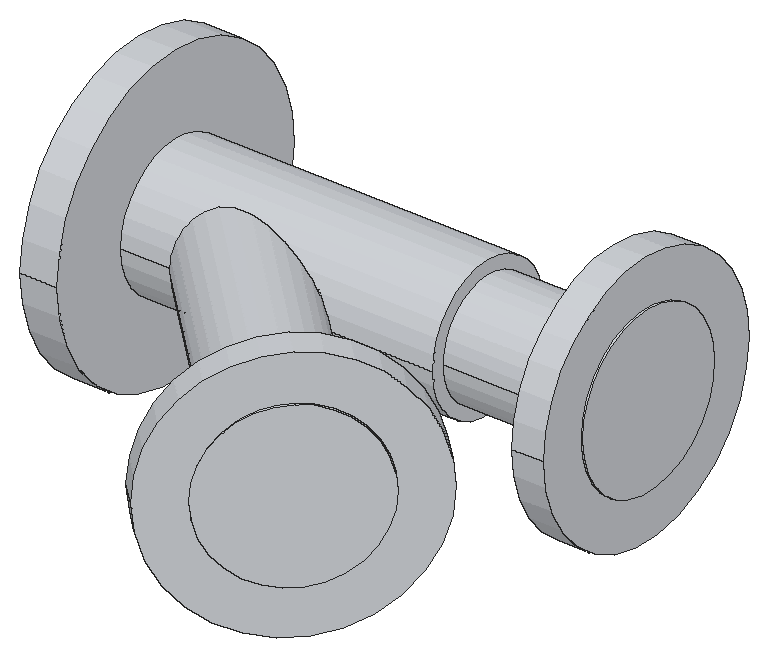
Revit family "M_Redução de 45 graus lateral - Flange - GI - Classe 250", category Conexões de tubo, Revit 2019
Family settings
  Cota do conector redondo = Usar raio
  Tipo de parte = Tê  lateral
  Número OmniClass = 23.60.30.11.14
  Título OmniClass = Pipework Fittings
  ID de item do Seek = Lateral 45 Deg Reducing - Flanged - GI - Class 250-0000-CAN-ENU
  Com base no plano de trabalho = Não
  Sempre na vertical = Sim
  Corte com vazios quando carregada = Não
  Compartilhado = Não
Parameters (values of type "Padrão")
  Tamanho da marca de cota 3 [instance] = Diâmetro da flange 3 * 0.4  # 66 mm
  Tamanho da marca de cota 2 [instance] = Diâmetro da flange 2 * 0.4  # 66 mm
  Tamanho da marca de cota 1 [instance] = Diâmetro da flange 1 * 0.4  # 76.4 mm
  Centro curto até a face [instance] = size_lookup(Nome da tabela de pesquisa, "SCtF", 0.35 * Diâmetro nominal máximo 123 + 47.427 mm, Diâmetro nominal máximo 123)  # 64 mm
  Espessura da face elevada [instance] = 1.587 mm  # constant formula
  Raio da face elevada 3 [instance] = Diâmetro da face elevada 3 / 2  # 53 mm
  Raio da face elevada 2 [instance] = Diâmetro da face elevada 2 / 2  # 53 mm
  Raio da face elevada 1 [instance] = Diâmetro da face elevada 1 / 2  # 62.5 mm
  Diâmetro da face elevada 3 [instance] = size_lookup(Nome da tabela de pesquisa, "RFD", 1.2 * Diâmetro nominal 3 + 50.899 mm, Diâmetro nominal 3)  # 106 mm
  Diâmetro da face elevada 2 [instance] = size_lookup(Nome da tabela de pesquisa, "RFD", 1.2 * Diâmetro nominal 2 + 50.899 mm, Diâmetro nominal 2)  # 106 mm
  Diâmetro da face elevada 1 [instance] = size_lookup(Nome da tabela de pesquisa, "RFD", 1.2 * Diâmetro nominal 1 + 50.899 mm, Diâmetro nominal 1)  # 125 mm
  Raio nominal 3 [instance] = 25 mm
  Raio nominal 2 [instance] = 25 mm
  Raio nominal 1 [instance] = 32.5 mm
  Diâmetro mínimo nominal 12 [instance] = if(Diâmetro nominal 1 > Diâmetro nominal 2, Diâmetro nominal 2, Diâmetro nominal 1)  # 50 mm
  Diâmetro nominal máximo 12 [instance] = if(Diâmetro nominal 1 > Diâmetro nominal 2, Diâmetro nominal 1, Diâmetro nominal 2)  # 65 mm
  Diâmetro nominal máximo 123 [instance] = if(and(not(Diâmetro nominal 1 < Diâmetro nominal 2), not(Diâmetro nominal 1 < Diâmetro nominal 3)), Diâmetro nominal 1, if(and(not(Diâmetro nominal 2 < Diâmetro nominal 1), not(Diâmetro nominal 2 < Diâmetro nominal 3)), Diâmetro nominal 2, Diâmetro nominal 3))  # 65 mm
  Diâmetro nominal 3 [instance] = Raio nominal 3 * 2  # 50 mm
  Diâmetro nominal 2 [instance] = Raio nominal 2 * 2  # 50 mm
  Diâmetro nominal 1 [instance] = Raio nominal 1 * 2  # 65 mm
  Espessura da parede 3 [instance] = size_lookup(Nome da tabela de pesquisa, "WThk", 0.06 * Diâmetro nominal 3 + 9.624 mm, Diâmetro nominal 3)  # 11.1 mm
  Espessura da parede 2 [instance] = size_lookup(Nome da tabela de pesquisa, "WThk", 0.06 * Diâmetro mínimo nominal 12 + 9.624 mm, Diâmetro mínimo nominal 12)  # 11.1 mm
  Espessura da parede 1 [instance] = size_lookup(Nome da tabela de pesquisa, "WThk", 0.06 * Diâmetro nominal máximo 12 + 9.624 mm, Diâmetro nominal máximo 12)  # 12.7 mm
  Método de perda = Coeficiente K da tabela
  Nome da tabela de pesquisa = "M_Lateral 45 Deg Reducing - Flanged - GI - Class 250"
  Tabela de coeficiente K = "Tê flangeado"
  Comprimento da ramificação 2 [instance] = Comprimento da ramificação 1 + Espessura da flange 3  # 267 mm
  Comprimento da ramificação 1 [instance] = if(and(not(Ângulo > 90.00°), Comprimento 1 < 0 mm), (Raio da flange máxima 12 + Raio da flange 3 * cos(Ângulo)) / sin(Ângulo), if(and(Ângulo > 90.00°, Comprimento 1 < 0 mm), (Raio da flange máxima 12 + Raio da flange 3 * cos(180.00° - Ângulo)) / sin(180.00° - Ângulo), C3 Centro à face - Espessura da flange 3))  # 244.8 mm
  Comprimento do lance 6 [instance] = Fixar comprimento + Comprimento do lance 4  # 6259.2 mm
  C3 Centro à face [instance] = if(not(Diâmetro nominal máximo 123 > 406.4 mm), Centro à face, if(not(Diâmetro nominal 3 > Tamanho da ramificação e menor), Centro à ramificação de face, Centro à face))  # 267 mm
  Comprimento do lance 5 [instance] = if(or(and(Ângulo > 90.00°, Diâmetro nominal 1 > Diâmetro nominal 2), and(Ângulo < 90.00°, Diâmetro nominal 1 < Diâmetro nominal 2, not(Comprimento 3 < 0 mm))), Comprimento do lance - Comprimento 3 / 3, if(and(Ângulo < 90.00°, Diâmetro nominal 1 < Diâmetro nominal 2, Comprimento 3 < 0 mm), Comprimento do lance, Comprimento do lance - Comprimento 4 / 3))  # 201.8 mm
  Comprimento do lance 4 [instance] = Comprimento do lance 5 - Comprimento do lance 1  # 163.2 mm
  C2 Centro à face [instance] = if(not(Diâmetro nominal máximo 123 > 406.4 mm), Centro à face, if(not(Diâmetro nominal 3 > Tamanho da ramificação e menor), Execução do centro até a face 2, Centro à face))  # 267 mm
  Comprimento do lance 3 [instance] = if(and(not(Ângulo > 90.00°), Comprimento 1 < 0 mm), Raio da flange máxima 12 / tan(Ângulo - atan(Raio da flange 3 / Comprimento da ramificação 1)) + Espessura da flange 12 + Espessura da face elevada, if(and(Ângulo > 90.00°, Comprimento 1 < 0 mm), Raio da flange máxima 12 / tan(180.00° - Ângulo - atan(Raio da flange 3 / Comprimento da ramificação 1)) + Espessura da flange 12, C2 Centro à face))  # 267 mm
  Comprimento do lance 2 [instance] = if(not(Diâmetro nominal 1 < Diâmetro nominal 2), Fixar comprimento - Comprimento do lance 1, Fixar comprimento + Comprimento do lance 4 - Comprimento do lance)  # 6057.4 mm
  Comprimento do lance 1 [instance] = if(and(Ângulo > 90.00°, Diâmetro nominal 2 > Diâmetro nominal 1), 2 * Comprimento 4 / 3, if(and(Ângulo > 90.00°, not(Diâmetro nominal 2 > Diâmetro nominal 1)), Comprimento 4, if(and(Ângulo < 90.00°, Diâmetro nominal 2 > Diâmetro nominal 1), 2 * Comprimento 3 / 3, Comprimento 3)))  # 38.6 mm
  C1 Centro à face [instance] = if(not(Diâmetro nominal máximo 123 > 406.4 mm), Centro curto até a face, if(not(Diâmetro nominal 3 > Tamanho da ramificação e menor), Execução do centro até a face 1, Centro curto até a face))  # 64 mm
  Comprimento 1 [instance] = if(Ângulo < 90.00°, ((C3 Centro à face - Espessura da flange 3) / cos(Ângulo 3) * sin(Ângulo - Ângulo 3) - Raio da flange máxima 12), ((C3 Centro à face - Espessura da flange 3) / cos(Ângulo 3) * sin(180.00° - Ângulo - Ângulo 3) - Raio da flange máxima 12))  # 19.263 mm
  Comprimento do lance [instance] = Comprimento 3 + Comprimento 4  # 283.4 mm
  Comprimento 4 [instance] = Comprimento do lance 3 - Espessura da flange 12  # 244.8 mm
  Comprimento 3 [instance] = if(not(Ângulo > 90.00°), C1 Centro à face - Espessura da flange 1, C1 Centro à face - Espessura da flange 2)  # 38.6 mm
  Comprimento 2 [instance] = Comprimento do lance - (Comprimento do lance 5)  # 81.6 mm
  Fixar comprimento [instance] = 6096 mm  # constant formula
  Espessura da flange 12 [instance] = if(not(Ângulo > 90.00°), Espessura da flange 2, Espessura da flange 1)  # 22.2 mm
  Espessura da flange máxima 12 [instance] = size_lookup(Nome da tabela de pesquisa, "FThk", 0.06 * Diâmetro nominal máximo 12 + 14.784 mm, Diâmetro nominal máximo 12)  # 25.4 mm
  Raio da flange máxima 12 [instance] = Diâmetro da flange máxima 12 / 2  # 95.5 mm
  Diâmetro da flange máxima 12 [instance] = size_lookup(Nome da tabela de pesquisa, "FDia", 1.21 * Diâmetro nominal máximo 12 + 97.036 mm, Diâmetro nominal máximo 12)  # 191 mm
  Raio externo da conexão 3 [instance] = Diâmetro externo da conexão 3 / 2  # 36.6 mm
  Raio externo da conexão 2 [instance] = Diâmetro externo da conexão 2 / 2  # 36.6 mm
  Raio externo da conexão 1 [instance] = Diâmetro externo da conexão 1 / 2  # 44.7 mm
  Diâmetro externo da conexão 3 [instance] = Diâmetro interior da conexão 3 + Espessura da parede 3 * 2  # 73.2 mm
  Diâmetro externo da conexão 2 [instance] = Diâmetro interno da conexão 2 + Espessura da parede 2 * 2  # 73.2 mm
  Diâmetro externo da conexão 1 [instance] = Diâmetro interno da conexão 1 + Espessura da parede 1 * 2  # 89.4 mm
  Diâmetro interior da conexão 3 [instance] = size_lookup(Nome da tabela de pesquisa, "FID", 0.97 * Diâmetro nominal 3 + 2.58 mm, Diâmetro nominal 3)  # 51 mm
  Diâmetro interno da conexão 2 [instance] = size_lookup(Nome da tabela de pesquisa, "FID", 0.97 * Diâmetro mínimo nominal 12 + 2.58 mm, Diâmetro mínimo nominal 12)  # 51 mm
  Diâmetro interno da conexão 1 [instance] = size_lookup(Nome da tabela de pesquisa, "FID", 0.97 * Diâmetro nominal máximo 12 + 2.58 mm, Diâmetro nominal máximo 12)  # 64 mm
  Execução do centro até a face 2 [instance] = size_lookup(Nome da tabela de pesquisa, "CtFR2", 1.7 * Diâmetro nominal máximo 12 + 16.768 mm, Diâmetro nominal máximo 12)  # 1 mm
  Execução do centro até a face 1 [instance] = size_lookup(Nome da tabela de pesquisa, "CtFR1", 0.53 * Diâmetro nominal máximo 12 + 119.856 mm, Diâmetro nominal máximo 12)  # 1 mm
  Espessura da flange 3 [instance] = size_lookup(Nome da tabela de pesquisa, "FThk", 0.083 * Diâmetro nominal 3 + 21.53 mm, Diâmetro nominal 3)  # 22.2 mm
  Espessura da flange 2 [instance] = size_lookup(Nome da tabela de pesquisa, "FThk", 0.083 * Diâmetro nominal 2 + 21.53 mm, Diâmetro nominal 2)  # 22.2 mm
  Espessura da flange 1 [instance] = size_lookup(Nome da tabela de pesquisa, "FThk", 0.083 * Diâmetro nominal 1 + 21.53 mm, Diâmetro nominal 1)  # 25.4 mm
  Raio da flange 3 [instance] = Diâmetro da flange 3 / 2  # 82.5 mm
  Raio da flange 2 [instance] = Diâmetro da flange 2 / 2  # 82.5 mm
  Raio da flange 1 [instance] = Diâmetro da flange 1 / 2  # 95.5 mm
  Diâmetro da flange 3 [instance] = size_lookup(Nome da tabela de pesquisa, "FDia", 1.34 * Diâmetro nominal 3 + 106.362 mm, Diâmetro nominal 3)  # 165 mm
  Diâmetro da flange 2 [instance] = size_lookup(Nome da tabela de pesquisa, "FDia", 1.34 * Diâmetro nominal 2 + 106.362 mm, Diâmetro nominal 2)  # 165 mm
  Diâmetro da flange 1 [instance] = size_lookup(Nome da tabela de pesquisa, "FDia", 1.34 * Diâmetro nominal 1 + 106.362 mm, Diâmetro nominal 1)  # 191 mm
  Centro à ramificação de face [instance] = size_lookup(Nome da tabela de pesquisa, "CtFB", 1.77 * Diâmetro nominal máximo 123 + 27.285 mm, Diâmetro nominal máximo 123)  # 1 mm
  Centro à face [instance] = size_lookup(Nome da tabela de pesquisa, "CtF", 1.79 * Diâmetro nominal máximo 123 + 148.729 mm, Diâmetro nominal máximo 123)  # 267 mm
  Tamanho da ramificação e menor [instance] = size_lookup(Nome da tabela de pesquisa, "BSaS", 0.64 * Diâmetro nominal máximo 12 - 82.153 mm, Diâmetro nominal máximo 12)  # 1 mm
  Ângulo 3 [instance] = atan(Raio da flange 3 / (C3 Centro à face - Espessura da flange 3))  # 18.6243°
  Ângulo [instance] = 45.00°
Reference planes
  plane 1 "Centro (Frente/Trás)": y = 0
  plane 2: z = 0
  plane 3 "Centro (Esquerda/Direita)": x = 0
  plane 4: x = -38.6
  plane 5: x = 163.2
  plane 6 "1": x = 244.8
  plane 7: x = -38.6
  plane 8: x = -64
  plane 9: x = 267
  plane 10: x = -6096
  plane 11: x = -100.6
  plane 12: x = 303.6
  plane 13: x = -38.6
  plane 14: y = 76.4
  plane 15: y = -76.4
  plane 16: y = 66
  plane 17: y = -66
  plane 18: x = 265.413
  plane 19: x = -62.412
Forms (mm)
  Sweep 1, solid, detail levels fine
    path in 3D
      loop
        line (-62.412, 0, 0) -> (-38.6, 0, 0)
    profile origin (-50.506, 0, 0) x (0, 1, 0) y (0, 0, 1)
      loop
        circle (0, 0) r 95.5
  Sweep 2, solid, detail levels fine
    path in 3D
      loop
        line (244.8, 0, 0) -> (265.413, 0, 0)
    profile origin (255.106, 0, 0) x (0, 1, 0) y (0, 0, 1)
      loop
        circle (0, 0) r 82.5
  Sweep 3, solid, detail levels fine
    path in 3D
      loop
        line (0, 0, 0) -> (173.1, -173.1, 0)
    profile origin (86.55, -86.55, 0) x (0.707107, 0.707107, 0) y (0, 0, 1)
      loop
        circle (0, 0) r 36.6
  Extrusion 4, void
    sketch origin (0, 0, 0) x (0, 1, 0) y (0, 0, 1)
      loop
        circle (0, 0) r 95.5
    from -100.6 to -64
  Extrusion 5, void
    sketch origin (0, 0, 0) x (0, 1, 0) y (0, 0, 1)
      loop
        circle (0, 0) r 95.5
    from 267 to 303.6
  Extrusion 6, void
    sketch origin (0, 0, 0) x (0, 1, 0) y (0, 0, 1)
      loop
        circle (0, 0) r 95.5
    from -100.6 to -64
  Extrusion 7, void
    sketch origin (0, 0, 0) x (0, 1, 0) y (0, 0, 1)
      loop
        circle (0, 0) r 95.5
    from 267 to 303.6
  Sweep 8, solid, detail levels fine
    path in 3D
      loop
        line (187.675, -187.675, 0) -> (188.798, -188.798, 0)
    profile origin (188.236, -188.236, 0) x (0.707107, 0.707107, 0) y (0, 0, 1)
      loop
        circle (0, 0) r 53
  Sweep 9, solid, detail levels fine
    path in 3D
      loop
        line (173.1, -173.1, 0) -> (187.675, -187.675, 0)
    profile origin (180.387, -180.387, 0) x (0.707107, 0.707107, 0) y (0, 0, 1)
      loop
        circle (0, 0) r 82.5
  Extrusion 10, solid, detail levels fine
    sketch origin (0, 0, 0) x (0, 1, 0) y (0, 0, 1)
      loop
        circle (0, 0) r 44.7
    from -38.6 to 163.2
  Extrusion 11, solid, detail levels fine
    sketch origin (0, 0, 0) x (0, 1, 0) y (0, 0, 1)
      loop
        circle (0, 0) r 36.6
    from 244.8 to -38.6
  Sweep 12, solid, detail levels fine
    path in 3D
      loop
        line (-64, 0, 0) -> (-62.412, 0, 0)
    profile origin (-63.206, 0, 0) x (0, 1, 0) y (0, 0, 1)
      loop
        circle (0, 0) r 62.5
  Sweep 13, solid, detail levels fine
    path in 3D
      loop
        line (265.413, 0, 0) -> (267, 0, 0)
    profile origin (266.206, 0, 0) x (0, 1, 0) y (0, 0, 1)
      loop
        circle (0, 0) r 53
Cuts and joins
  Extrusion 4, Extrusion 5 cuts Sweep 3
  joined: Sweep 3, Sweep 8, Sweep 9
  joined: Sweep 1, Sweep 2, Extrusion 10, Extrusion 11, Sweep 12, Sweep 13
Lines and regions (mm)
  reference lines
    curve 1: line (0, 0, 0) -> (173.1, -173.1, 0)
    curve 2: line (-62.412, 0, 0) -> (-38.6, 0, 0)
    curve 4: line (244.8, 0, 0) -> (265.413, 0, 0)
    curve 7: line (-38.6, 0, 0) -> (-64, 0, 0)
    curve 8: line (244.8, 0, 0) -> (267, 0, 0)
    curve 14: line (173.1, -173.1, 0) -> (187.675, -187.675, 0)
    curve 15: line (187.675, -187.675, 0) -> (188.798, -188.798, 0)
    curve 16: line (188.798, -188.798, 0) -> (173.1, -173.1, 0)
    curve 19: line (-64, 0, 0) -> (-62.412, 0, 0)
    curve 21: line (265.413, 0, 0) -> (267, 0, 0)
  sketch lines
    curve 3: line (-62.412, 0, 0) -> (-38.6, 0, 0)
    curve 5: line (244.8, 0, 0) -> (265.413, 0, 0)
    curve 6: line (0, 0, 0) -> (173.1, -173.1, 0)
    curve 17: line (187.675, -187.675, 0) -> (188.798, -188.798, 0)
    curve 18: line (173.1, -173.1, 0) -> (187.675, -187.675, 0)
    curve 20: line (-64, 0, 0) -> (-62.412, 0, 0)
    curve 22: line (265.413, 0, 0) -> (267, 0, 0)
  model lines, detail levels coarse+medium
    curve 9: line (-64, 0, 0) -> (267, 0, 0)
    curve 10: line (-64, 76.4, 0) -> (-64, -76.4, 0)
    curve 11: line (267, 66, 0) -> (267, -66, 0)
    curve 12: line (0, 0, 0) -> (188.798, -188.798, 0)
    curve 13: line (142.128, -235.467, 0) -> (235.467, -142.128, 0)
Dimensions and locks
  "Comprimento do lance": plane 7 to plane 6 "1"
  "Fixar comprimento": plane 10 to plane 3 "Centro (Esquerda/Direita)"
  locked: plane 11 to plane 8 at 36.6
  locked: plane 9 to plane 12 at 36.6
  "Comprimento do lance 5": plane 4 to plane 5
  "Comprimento do lance 6": plane 10 to plane 5
  "Comprimento do lance 2": plane 10 to plane 7
  equal spacing: plane 15, plane 1 "Centro (Frente/Trás)", plane 14
  "Tamanho da marca de cota 1": plane 1 "Centro (Frente/Trás)" to plane 14
  equal spacing: plane 16, plane 1 "Centro (Frente/Trás)", plane 17
  "Tamanho da marca de cota 2": plane 16 to plane 1 "Centro (Frente/Trás)"
  "Comprimento da ramificação 2": curve 12 to curve 12
  equal spacing: curve 13, curve 12, curve 13
  "Tamanho da marca de cota 3": curve 12 to curve 13
  "Espessura da face elevada": plane 8 to plane 19
  "Espessura da face elevada": plane 18 to plane 9
  "Comprimento da ramificação 1": curve 1 to curve 1
  "Espessura da face elevada": curve 15 to curve 15
  "Espessura da flange 1": plane 8 to plane 7
  "Espessura da flange 2": plane 6 "1" to plane 9
  "Espessura da flange 3": curve 14 to curve 16
  "Raio da flange 1": radius of Sweep 1 sketch curve
  "Raio da flange 2": radius of Sweep 2 sketch curve
  "Raio externo da conexão 3": radius of Sweep 3 sketch curve
  "Raio da flange máxima 12": radius of Extrusion 4 sketch curve
  "Raio da flange máxima 12": radius of Extrusion 5 sketch curve
  locked: Extrusion 6 sketch curve to Extrusion 6 sketch curve (radius 95.5 mm)
  locked: Extrusion 7 sketch curve to Extrusion 7 sketch curve (radius 95.5 mm)
  "Raio da face elevada 3": radius of Sweep 8 sketch curve
  "Raio da flange 3": radius of Sweep 9 sketch curve
  "Raio externo da conexão 1": radius of Extrusion 10 sketch curve
  "Raio externo da conexão 2": radius of Extrusion 11 sketch curve
  "Raio da face elevada 1": radius of Sweep 12 sketch curve
  "Raio da face elevada 2": radius of Sweep 13 sketch curve
  "Ângulo": angle curve 1 to plane 1 "Centro (Frente/Trás)"
  "Ângulo": angle curve 12 to plane 1 "Centro (Frente/Trás)"
  "Ângulo": angle curve 13 to plane 3 "Centro (Esquerda/Direita)"
  "Ângulo": angle curve 14 to plane 1 "Centro (Frente/Trás)"
  "Ângulo": angle curve 15 to plane 1 "Centro (Frente/Trás)"
  "Ângulo": angle curve 16 to plane 1 "Centro (Frente/Trás)"
  aligned and locked: plane 3 "Centro (Esquerda/Direita)" to curve 1
  aligned and locked: plane 7 to curve 2
  aligned and locked: plane 1 "Centro (Frente/Trás)" to curve 2
  aligned and locked: profile plane to Sweep 1 sketch curve  (x2)
  aligned and locked: profile plane to Sweep 2 sketch curve  (x2)
  aligned and locked: plane 1 "Centro (Frente/Trás)" to curve 4  (x2)
  aligned and locked: profile plane to Sweep 3 sketch curve  (x2)
  aligned and locked: plane 1 "Centro (Frente/Trás)" to Extrusion 4 sketch curve
  aligned and locked: plane 2 to Extrusion 4 sketch curve
  aligned and locked: Extrusion 4 to plane 11
  aligned and locked: plane 8 to Extrusion 4
  aligned and locked: plane 1 "Centro (Frente/Trás)" to Extrusion 5 sketch curve
  aligned and locked: plane 2 to Extrusion 5 sketch curve
  aligned and locked: plane 12 to Extrusion 5
  aligned and locked: Extrusion 5 to plane 9
  aligned and locked: plane 6 "1" to curve 4
  aligned and locked: plane 8 to curve 7
  aligned and locked: plane 9 to curve 8
  aligned and locked: curve 7 to plane 1 "Centro (Frente/Trás)"
  aligned and locked: plane 1 "Centro (Frente/Trás)" to curve 8
  aligned and locked: plane 8 to curve 9
  aligned and locked: plane 9 to curve 9
  aligned and locked: plane 14 to curve 10
  aligned and locked: plane 15 to curve 10
  aligned and locked: curve 11 to plane 16
  aligned and locked: curve 11 to plane 17
  aligned and locked: curve 10 to plane 8
  aligned and locked: curve 11 to plane 9
  aligned and locked: plane 3 "Centro (Esquerda/Direita)" to curve 12
  aligned and locked: plane 2 to Extrusion 6 sketch curve
  aligned and locked: plane 1 "Centro (Frente/Trás)" to Extrusion 6 sketch curve
  aligned and locked: Extrusion 6 to plane 11
  aligned and locked: plane 8 to Extrusion 6
  aligned and locked: plane 1 "Centro (Frente/Trás)" to Extrusion 7 sketch curve
  aligned and locked: plane 2 to Extrusion 7 sketch curve
  aligned and locked: Extrusion 7 to plane 9
  aligned and locked: plane 12 to Extrusion 7
  aligned and locked: curve 9 to curve 8
  aligned and locked: profile plane to Sweep 8 sketch curve  (x2)
  aligned and locked: profile plane to Sweep 9 sketch curve  (x2)
  aligned and locked: plane 2 to Extrusion 10 sketch curve
  aligned and locked: plane 1 "Centro (Frente/Trás)" to Extrusion 10 sketch curve
  aligned and locked: plane 2 to Extrusion 11 sketch curve
  aligned and locked: plane 1 "Centro (Frente/Trás)" to Extrusion 11 sketch curve
  aligned and locked: Extrusion 11 to plane 7
  aligned and locked: plane 6 "1" to Extrusion 11
  aligned and locked: plane 5 to Extrusion 10
  aligned and locked: Extrusion 10 to plane 4
  aligned and locked: plane 8 to curve 19
  aligned and locked: plane 19 to curve 19
  aligned and locked: profile plane to Sweep 12 sketch curve  (x2)
  aligned and locked: plane 1 "Centro (Frente/Trás)" to curve 19
  aligned and locked: plane 18 to curve 21
  aligned and locked: plane 9 to curve 21
  aligned and locked: profile plane to Sweep 13 sketch curve  (x2)
Automatic sketch dimensions
  curve 1 to plane 1 "Centro (Frente/Trás)" = 0 mm
  curve 7 to plane 4 = 0 mm
  curve 8 to plane 6 "1" = 0 mm
Connectors
  piping at (-64, 0, 0), diameter 65, driven by "Raio nominal 1"
    settings: on cut or joined group of Sweep 1, Sweep 2, Extrusion 10, Extrusion 11, Sweep 12, Sweep 13, index 1, connector inside diameter 65 mm, connector length 0 mm, flow factor 0, pipe flow 0.0 L/s, pressure drop 0.0 Pa, fitting loss kfactor 0, connector angle 0.00°, fixture units 0, engagement length 0 mm, angle of deflection 0.00°, flow configuration 0, flow direction 0, fitting loss method 0, system type 28, joint type 0, gender type 0, connector reference index 2, connector utility 0, adjustable connector no, is connector primary yes, connector description ""
  piping at (267, 0, 0), diameter 50, driven by "Raio nominal 2"
    settings: on cut or joined group of Sweep 1, Sweep 2, Extrusion 10, Extrusion 11, Sweep 12, Sweep 13, index 2, connector inside diameter 50 mm, connector length 0 mm, flow factor 0, pipe flow 0.0 L/s, pressure drop 0.0 Pa, fitting loss kfactor 0, connector angle 0.00°, fixture units 0, engagement length 0 mm, angle of deflection 0.00°, flow configuration 0, flow direction 0, fitting loss method 0, system type 28, joint type 0, gender type 0, connector reference index 1, connector utility 0, adjustable connector no, is connector primary no, connector description ""
  piping at (188.798, -188.798, 0), diameter 50, driven by "Ângulo", driven by "Raio nominal 3"
    settings: on cut or joined group of Sweep 3, Extrusion 4, Extrusion 5, Sweep 8, Sweep 9, index 3, connector inside diameter 50 mm, connector length 0 mm, flow factor 0, pipe flow 0.0 L/s, pressure drop 0.0 Pa, fitting loss kfactor 0, connector angle 45.00°, fixture units 0, engagement length 0 mm, angle of deflection 0.00°, flow configuration 0, flow direction 0, fitting loss method 0, system type 28, joint type 0, gender type 0, connector reference index -1, connector utility 0, adjustable connector no, is connector primary no, connector description ""
